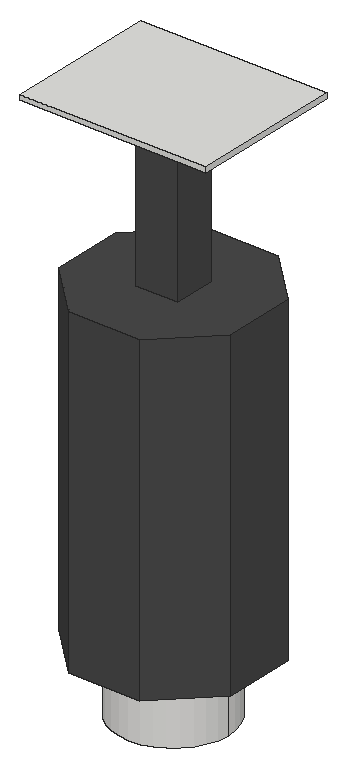
Revit family "Fans_Industrial_Standard-Drive-10ft_Colossus_Epic-Fans", category Electrical Fixtures, host Ceiling, Revit 2026
Family settings
  Host = Ceiling
  Round Connector Dimension = Use Diameter
  Part Type = Normal
  Classification Number = 23.80.00.00
  Always vertical = Yes
  Cut with Voids When Loaded = No
  Maintain Annotation Orientation = No
  Shared = No
  Room Calculation Point = No
Parameters (values of type "1' Down Tube")
  Model = "Industrial"
  Down Tube = 1' - 0"
  Description = "HVLS Fan"
  Default Elevation = 0' - 0"
Types (11): name | Down Tube
  (no name) | 1' - 0"
  1' Down Tube | 1' - 0"
  2' Down Tube | 2' - 0"
  3' Down Tube | 3' - 0"
  4' Down Tube | 4' - 0"
  5' Down Tube | 5' - 0"
  6' Down Tube | 6' - 0"
  7' Down Tube | 7' - 0"
  8' Down Tube | 8' - 0"
  9' Down Tube | 9' - 0"
  10' Down Tube | 10' - 0"
Reference planes (in)
  plane 1 "Center (Front/Back)": y = 0
  plane 2 "Ceiling": z = 96
  plane 3 "Center (Left/Right)": x = 0
  plane 4: z = 95.625
  plane 5: z = 83.625
  plane 6: z = 60.125
  plane 7: z = 57.875
  plane 8: z = 55.625
  plane 9: y = 5.5
  plane 10: x = 6.75
  plane 11: x = -6.75
  plane 12: y = -5.5
  plane 13: x = 1.5
  plane 14: y = 1.5
  plane 15: y = -1.5
  plane 16: x = -1.5
Forms (in)
  Extrusion 1, solid, material "Steel"
    sketch origin (0, 0, 96) x (1, 0, 0) y (0, 1, 0)
      loop
        line (-6.75, 5.5) -> (-6.75, -5.5) -> (6.75, -5.5) -> (6.75, 5.5) -> (-6.75, 5.5)
    from 0 to -0.375
  Extrusion 2, solid, material "Smooth - Black"
    sketch origin (0, 0, 0) x (1, 0, 0) y (0, 1, 0)
      loop
        line (-1.5, 1.5) -> (-1.5, -1.5) -> (1.5, -1.5) -> (1.5, 1.5) -> (-1.5, 1.5)
    from 83.625 to 95.625
  Extrusion 3, solid, material "Smooth - Black"
    sketch origin (0, 0, 0) x (1, 0, 0) y (0, 1, 0)
      loop
        line (-6.25, -2.58883) -> (-2.58883, -6.25) -> (2.58883, -6.25) -> (6.25, -2.58883) -> (6.25, 2.58883) -> (2.58883, 6.25) -> (-2.58883, 6.25) -> (-6.25, 2.58883) -> (-6.25, -2.58883)
    from 60.125 to 83.625
  Extrusion 4, solid, material "Steel"
    sketch origin (0, 0, 0) x (1, 0, 0) y (0, 1, 0)
      loop
        circle (0, 0) r 4
    from 55.625 to 60.125
Dimensions and locks (in)
  equal spacing: host sketch curve, plane 3 "Center (Left/Right)", host sketch curve
  equal spacing: host sketch curve, plane 1 "Center (Front/Back)", host sketch curve
  host sketch curve to host sketch curve = 10' - 0"  (x2)
  equal spacing: plane 11, plane 3 "Center (Left/Right)", plane 10
  locked: plane 11 to plane 10 at 13.5
  equal spacing: plane 9, plane 1 "Center (Front/Back)", plane 12
  locked: plane 9 to plane 12 at 11
  locked: host ceiling to plane 4 at 0.375
  equal spacing: plane 16, plane 3 "Center (Left/Right)", plane 13
  locked: plane 16 to plane 13 at 3
  equal spacing: plane 14, plane 1 "Center (Front/Back)", plane 15
  locked: plane 15 to plane 14 at 3
  "Down Tube": plane 4 to plane 5
  locked: Extrusion 3 sketch curve to plane 9 at 0.75
  locked: Extrusion 3 sketch curve to plane 12 at 0.75
  locked: Extrusion 3 sketch curve to plane 10 at 0.5
  locked: plane 11 to Extrusion 3 sketch curve at 0.5
  locked: Extrusion 3 sketch curve to Extrusion 3 sketch curve at 12.5  (x2)
  equal spacing: plane 6, plane 7, plane 8
  locked: plane 6 to plane 8 at 4.5
  plane 6 to plane 5 = 1' - 11 1/2"
  radius of Extrusion 4 sketch curve = 0' - 4"
  aligned and locked: Extrusion 1 sketch curve to plane 9
  aligned and locked: plane 11 to Extrusion 1 sketch curve
  aligned and locked: plane 12 to Extrusion 1 sketch curve
  aligned and locked: Extrusion 1 sketch curve to plane 10
  aligned and locked: plane 14 to Extrusion 2 sketch curve
  aligned and locked: plane 16 to Extrusion 2 sketch curve
  aligned and locked: plane 15 to Extrusion 2 sketch curve
  aligned and locked: Extrusion 2 sketch curve to plane 13
  aligned and locked: Extrusion 1 to plane 4
  aligned and locked: host ceiling to Extrusion 1
  aligned and locked: plane 4 to Extrusion 2
  aligned and locked: Extrusion 2 to plane 5
  aligned and locked: plane 5 to Extrusion 3
  aligned and locked: Extrusion 3 to plane 6
  aligned and locked: plane 1 "Center (Front/Back)" to Extrusion 4 sketch curve
  aligned and locked: plane 3 "Center (Left/Right)" to Extrusion 4 sketch curve
  aligned and locked: plane 6 to Extrusion 4
  aligned and locked: Extrusion 4 to plane 8
  aligned and locked: import instance to plane 7
  aligned and locked: plane 1 "Center (Front/Back)" to import instance
  aligned and locked: import instance to plane 3 "Center (Left/Right)"
Automatic sketch dimensions
  Extrusion 3 sketch curve to plane 16 = 0' - 1.08883"
  Extrusion 3 sketch curve to plane 14 = 0' - 1.08883"  (x2)
  Extrusion 3 sketch curve to plane 15 = 0' - 1.08883"
